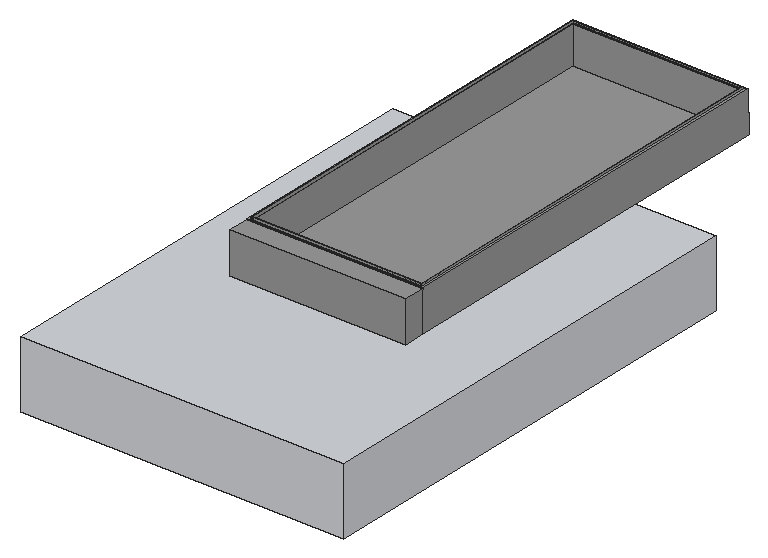
Revit family "Hager-Univers-IP30-D205-H1950-Cl.II-Encl-CH-en", category Equipement électrique, Revit 2020
Family settings
  Hôte = Face
  Configuration du panneau = Deux colonnes, circuits au sein
  Cote de connecteur circulaire = Utiliser le diamètre
  Type d'élément = Tableau de raccordement
  Couper avec des vides une fois chargée = Non
  Partagée = Non
  Point de calcul de pièce = Non
Parameters (values of type "Floor installation IP30 W800 H1950 D205  - FP23S1N")
  Width Control [instance] = if([EF000008 - Width] > Min Width, [EF000008 - Width], Min Width)  # 800 mm
  Commentaires du type = [HG000003 - Range]  # "Univers"
  Thickness Door [instance] = if([EF009171 - Material plate thickness door/cover] > 3 mm, 3 mm, [EF009171 - Material plate thickness door/cover])  # 1 mm
  Seal Frame Offset [instance] = 17 mm  # constant formula
  Plinth Visibility [instance] = [HG000027 - Plinth height] > 0 mm  # yes
  Model = ""
  Min Width [instance] = 100 mm  # constant formula
  Min Height [instance] = 100 mm  # constant formula
  Min Depth [instance] = (2 * [EF009170 - Material plate thickness cabinet]) + 1 mm  # 3 mm
  Internal Frame Depth [instance] = (Door System Depth * 0.5)  # 9 mm
  Height Control [instance] = if([EF000040 - Height] > Min Height, [EF000040 - Height], Min Height)  # 1950 mm
  HG000027 - Plinth height = 100 mm
  HG000026 - Floor standing = yes
  HG000024 - Bottom section height = 800 mm
  HG000023 - Double section enclosure = no
  HG000016 - Door 3d visibility [instance] = yes
  HG000015 - Clearance visibility [instance] = no
  HG000014 - Door on the right [instance] = yes
  HG000013 - Door on the left [instance] = not([HG000014 - Door on the right])  # no
  HG000012 - Door swing angle [instance] = 30.00°
  HG000010 - Asymmetric doors = no
  HG000009 - Double swing door = no
  HG000006 - Flush mounted = no
  HG000004 - Manufacturer reference = "FP23S1N"
  HG000003 - Range = "Univers"
  HG000002 - With door or cover = no
  Frame Offset Bottom [instance] = 10 mm  # constant formula
  Frame Offset [instance] = 15 mm  # constant formula
  EF015940 - Cover with overpressure release = no
  EF011959 - Degree of protection (NEMA) = ""
  EF009554 - Number of openings for flange plates = 6
  EF009212 - Cover model = "EV009916 - With notch"
  EF009171 - Material plate thickness door/cover = 1 mm
  EF009170 - Material plate thickness cabinet = 1 mm
  Fabricant = "Hager"  # constant formula
  EF008873 - Nominal current (In) = 400 A
  EF007800 - Suitable for lightning protection = no
  EF006306 - With lock = no
  EF006244 - Transparent cover/door = no
  EF005474 - Degree of protection (IP) = "EV006410 - IP30"
  EF004464 - Type of door = "EV000494 - None"
  EF004427 - Number of modules = 432
  EF004293 - Impact strength = "EV006813 - IK07"
  EF003532 - Suitable for outdoor use = no
  EF002950 - Width in number of modular spacings = 36
  EF001613 - Circuit integrity = "EV000494 - None"
  EF001596 - Material housing = "EV000179 - Steel"
  EF001131 - Internal depth = 130 mm
  EF001088 - Extension possible = yes
  EF000437 - Number of conduit inlets = 6
  EF000339 - Type of cover = "EV000494 - None"
  EF000266 - Number of rows = 12
  EF000218 - Built-in depth = 0 mm
  EF000118 - With mounting plate = no
  EF000116 - RAL-number = "9010"
  EF000049 - Depth = 205 mm
  EF000040 - Height = 1950 mm
  EF000008 - Width = 800 mm
  EF000007 - Colour = "EV000202 - White"
  EF000003 - Mounting method = "EV012274 - Floor installation"
  Door System Leaf Tolerance [instance] = 1.5 mm  # constant formula
  Door System Depth [instance] = 18 mm  # constant formula
  Door Height [instance] = Height Control - [HG000027 - Plinth height]  # 1850 mm
  Depth Control [instance] = if([EF000049 - Depth] > Min Depth, [EF000049 - Depth], Min Depth)  # 205 mm
  Default Elevation = 0 mm
  Connector Offset [instance] = Height Control / 2  # 975 mm
  Bottom Top Plate Trim [instance] = 1.5 mm  # constant formula
  Plinth height Ctrl [instance] = if([HG000027 - Plinth height] > 0 mm, [HG000027 - Plinth height], 12 mm)  # 100 mm
Types (5, lengths in mm): name | Width Control | HG000004 - Manufacturer reference | EF009554 - Number of openings for flange plates | EF008873 - Nominal current (In) | EF004427 - Number of modules | EF002950 - Width in number of modular spacings | EF000437 - Number of conduit inlets | EF000008 - Width
  Floor installation IP30 W1050 H1950 D205  - FP24S1N | 1050 | "FP24S1N" | 8 | 400 A | 576 | 48 | 8 | 1050
  Floor installation IP30 W1300 H1950 D205  - FP25S1N | 1300 | "FP25S1N" | 10 | 400 A | 720 | 60 | 10 | 1300
  Floor installation IP30 W300 H1950 D205  - FP21S1N | 300 | "FP21S1N" | 2 | 250 A | 144 | 12 | 2 | 300
  Floor installation IP30 W550 H1950 D205  - FP22S1N | 550 | "FP22S1N" | 4 | 400 A | 288 | 24 | 4 | 550
  Floor installation IP30 W800 H1950 D205  - FP23S1N | 800 | "FP23S1N" | 6 | 400 A | 432 | 36 | 6 | 800
Reference planes
  plane 1 "Center (Front/Back)": y = 0
  plane 2: z = 0
  plane 3 "Center (Left/Right)": x = 0
  plane 4: z = 205
  plane 5: y = 101
  plane 6: y = 1025
  plane 7: y = 100
  plane 8: y = 1950
  plane 9: z = 0
  plane 10: x = -385
  plane 11: x = 385
  plane 12: x = 384
  plane 13: x = -384
  plane 14: y = 1949
  plane 15: x = -383
  plane 16: x = -400
  plane 17: x = 383
  plane 18: x = 400
  plane 19: x = 399
  plane 20: x = -399
  plane 21: y = 111
  plane 22: y = 1950
  plane 23: y = 1934
  plane 24: z = 187
  plane 25: z = 1
  plane 26: z = 186
  plane 27: z = 204
Forms (mm)
  Extrusion 1, solid
    sketch origin (0, 0, 0) x (1, 0, 0) y (0, 1, 0)
      loop
        line (-702.964, 1305) -> (-702.964, -811.445) -> (766.763, -811.445) -> (766.763, 1305) -> (-702.964, 1305)
    from 0 to -304.8
  Extrusion 2, solid, material "Hager_Steel_RAL7035_Light_Grey", visible <- "Plinth Visibility", detail levels medium+fine
    sketch origin (0, 0, 0) x (1, 0, 0) y (0, 1, 0)
      loop
        line (-400, 0) -> (400, 0) -> (400, 100) -> (-400, 100) -> (-400, 0)
    from 0 to 187
  Extrusion 3, solid, material "Hager_Steel_RAL7035_Light_Grey", detail levels medium+fine
    sketch origin (0, 0, 0) x (1, 0, 0) y (0, 1, 0)
      loop
        line (-400, 100) -> (400, 100) -> (400, 1950) -> (-400, 1950) -> (-400, 100)
    from 0 to 187
  Extrusion 4, void
    sketch origin (0, 0, 0) x (1, 0, 0) y (0, 1, 0)
      loop
        line (-399, 101) -> (399, 101) -> (399, 1949) -> (-399, 1949) -> (-399, 101)
    from 1 to 186
  Extrusion 5, void
    sketch origin (-381.607, -4572, 187) x (0, -1, 0) y (-1, 0, 0)
      loop
        line (-4683, 2.393) -> (-6506, 2.393) -> (-6506, -765.607) -> (-4683, -765.607) -> (-4683, 2.393)
    from 0 to 1 <- "EF009170 - Material plate thickness cabinet"
  Extrusion 6, solid, material "Hager_Steel_RAL7035_Light_Grey", detail levels fine
    sketch origin (0, 0, 187) x (1, 0, 0) y (0, 1, 0)
      loop
        line (-384, 1934) -> (-384, 111) -> (384, 111) -> (384, 1934) -> (-384, 1934)
      loop
        line (-385, 110) -> (385, 110) -> (385, 1935) -> (-385, 1935) -> (-385, 110)
    from 0 to 9 <- "Internal Frame Depth"
  Extrusion 7, solid, material "Hager_Steel_RAL7035_Light_Grey", detail levels coarse
    sketch origin (0, 0, 0) x (1, 0, 0) y (0, 1, 0)
      loop
        line (-400, 0) -> (400, 0) -> (400, 1950) -> (-400, 1950) -> (-400, 0)
    from 0 to 205
  Sweep 8, void
    path in 3D
      loop
        line (-400, 100, 0) -> (400, 100, 0) -> (400, 100, 187) -> (-400, 100, 187) -> (-400, 100, 0)
    profile origin (-400, 100, 93.5) x (-1, 0, 0) y (0, -1, 0)
      loop
        line (0, 0) -> (0, 1.5) -> (-1.5, 1.5)
        arc (-1.5, 1.5) -> (-1.061, 0.439) -> (0, 0) r 1.5
Cuts and joins
  Extrusion 4, Extrusion 5 cuts Extrusion 3
  Sweep 8 cuts Extrusion 2
Lines and regions (mm)
  Masking region 1
    outline origin (0, 0, 0) x (1, 0, 0) y (0, 0, 1)
      loop
        line (-400, 205) -> (-400, 0) -> (400, 0) -> (400, 205) -> (-400, 205)
  Masking region 2, detail levels medium+fine
    outline origin (0, 140, 0) x (0, 1, 0) y (0, 0, 1)
      loop
        line (-40, 0) -> (1810, 0) -> (1810, 187) -> (-40, 187) -> (-40, 0)
  Masking region 3, not visible, detail levels medium+fine
    outline origin (0, 297.922, 0) x (0, 1, 0) y (0, 0, 1)
      loop
        line (738.578, 0) -> (778.578, 0) -> (778.578, 194)
        arc (778.578, 194) -> (775.649, 201.071) -> (768.578, 204) r 10
        line (768.578, 204) -> (738.578, 204) -> (738.578, 0)
  Masking region 4, detail levels coarse
    outline origin (0, 0, 180) x (0, 1, 0) y (0, 0, 1)
      loop
        line (0, -180) -> (1950, -180) -> (1950, 25) -> (0, 25) -> (0, -180)
  Masking region 5, visible <- "Plinth Visibility", detail levels medium+fine
    outline origin (0, 52.24, 12.345) x (0, 0, -1) y (0, 1, 0)
      loop
        line (10.845, 47.76) -> (-173.155, 47.76)
        arc (-173.155, 47.76) -> (-173.594, 46.699) -> (-174.655, 46.26) r 1.5
        line (-174.655, 46.26) -> (-174.655, -52.24) -> (12.345, -52.24) -> (12.345, 46.26)
        arc (12.345, 46.26) -> (11.285, 46.699) -> (10.845, 47.76) r 1.5
  Masking region 6, detail levels medium+fine
    outline origin (-381.607, -4572, 187) x (-1, 0, 0) y (0, -1, 0)
      loop
        line (18.393, -6522) -> (18.393, -4672) -> (-781.607, -4672) -> (-781.607, -6522) -> (18.393, -6522)
  Masking region 7, visible <- "Plinth Visibility", detail levels medium+fine
    outline origin (-381.607, -4727, 187) x (-1, 0, 0) y (0, -1, 0)
      loop
        arc (16.893, -4827) -> (17.332, -4825.939) -> (18.393, -4825.5) r 1.5
        line (18.393, -4825.5) -> (18.393, -4727) -> (-781.607, -4727) -> (-781.607, -4825.5)
        arc (-781.607, -4825.5) -> (-780.546, -4825.939) -> (-780.107, -4827) r 1.5
        line (-780.107, -4827) -> (16.893, -4827)
  Masking region 8, detail levels coarse
    outline origin (-442.548, -4669.526, 187) x (-1, 0, 0) y (0, -1, 0)
      loop
        line (-42.548, -6619.526) -> (-42.548, -4669.526) -> (-842.548, -4669.526) -> (-842.548, -6619.526) -> (-42.548, -6619.526)
  sketch lines
    curve 1: line (-400, 100, 187) -> (-400, 100, 0)
    curve 2: line (400, 100, 187) -> (-400, 100, 187)
    curve 3: line (400, 100, 187) -> (400, 100, 0)
    curve 4: line (-400, 100, 0) -> (400, 100, 0)
Dimensions and locks
  "Depth Control": plane 4 to Extrusion 1
  "HG000027 - Plinth height": plane 1 "Center (Front/Back)" to plane 7
  "EF009170 - Material plate thickness cabinet": plane 5 to plane 7
  locked: connector elem to plane 3 "Center (Left/Right)"
  equal spacing: plane 8, plane 6, plane 7
  locked: connector elem to plane 6
  "EF009170 - Material plate thickness cabinet": plane 8 to plane 14
  "EF009170 - Material plate thickness cabinet": plane 10 to plane 13
  "EF009170 - Material plate thickness cabinet": plane 12 to plane 11
  "Frame Offset": plane 20 to plane 13
  "Frame Offset": plane 12 to plane 19
  "EF009170 - Material plate thickness cabinet": plane 16 to plane 20
  "EF009170 - Material plate thickness cabinet": plane 19 to plane 18
  "Seal Frame Offset": plane 16 to plane 15
  "Seal Frame Offset": plane 17 to plane 18
  "Frame Offset Bottom": plane 21 to plane 5
  "Frame Offset": plane 14 to plane 23
  equal spacing: plane 16, plane 3 "Center (Left/Right)", plane 18
  "Width Control": plane 16 to plane 18
  "EF009170 - Material plate thickness cabinet": plane 4 to plane 27
  "EF009170 - Material plate thickness cabinet": plane 24 to plane 26
  "EF009170 - Material plate thickness cabinet": plane 25 to level
  "Door System Depth": plane 4 to plane 24
  "Height Control": plane 1 "Center (Front/Back)" to Extrusion 7 sketch curve
  "Height Control": Masking region 4 sketch curve to plane 1 "Center (Front/Back)"
  "Height Control": plane 1 "Center (Front/Back)" to plane 22
  "Bottom Top Plate Trim": profile plane to Sweep 8 sketch curve
  "Bottom Top Plate Trim": Sweep 8 sketch curve to profile plane
  "Plinth height Ctrl": plane 1 "Center (Front/Back)" to Extrusion 2 sketch curve
  "Plinth height Ctrl": Masking region 5 sketch curve to plane 1 "Center (Front/Back)"
  "Plinth height Ctrl": plane 1 "Center (Front/Back)" to Masking region 7 sketch curve
  "Thickness Door": Extrusion 6 sketch curve to Extrusion 6 sketch curve  (x3)
  "Thickness Door": cut or joined group of Extrusion 3, Extrusion 4, Extrusion 5 to Extrusion 6 sketch curve
  radius of Masking region 3 sketch curve = 10 mm
  "Bottom Top Plate Trim": radius of Masking region 5 sketch curve  (x2)
  "Bottom Top Plate Trim": radius of Sweep 8 sketch curve
  "Bottom Top Plate Trim": radius of Masking region 7 sketch curve  (x2)
  aligned and locked: plane 2 to Extrusion 1
  aligned and locked: level to Extrusion 1
  aligned and locked: level to Masking region 1 sketch curve
  aligned and locked: Masking region 1 sketch curve to plane 18
  aligned and locked: Masking region 1 sketch curve to plane 16
  aligned and locked: plane 7 to Masking region 2 sketch curve
  aligned and locked: level to Masking region 3 sketch curve
  aligned and locked: Masking region 3 sketch curve to plane 27
  aligned and locked: level to Masking region 2 sketch curve
  aligned and locked: plane 1 "Center (Front/Back)" to Extrusion 2 sketch curve
  aligned and locked: Extrusion 3 sketch curve to plane 7
  aligned and locked: plane 16 to Extrusion 3 sketch curve
  aligned and locked: plane 18 to Extrusion 3 sketch curve
  aligned and locked: plane 20 to Extrusion 4 sketch curve
  aligned and locked: plane 19 to Extrusion 4 sketch curve
  aligned and locked: Extrusion 4 sketch curve to plane 5
  aligned and locked: Extrusion 4 to plane 25
  aligned and locked: plane 26 to Extrusion 4
  aligned and locked: plane 24 to Extrusion 3
  aligned and locked: Extrusion 5 sketch curve to plane 21
  aligned and locked: Extrusion 5 sketch curve to plane 13
  aligned and locked: Extrusion 5 sketch curve to plane 12
  aligned and locked: plane 18 to Extrusion 7 sketch curve
  aligned and locked: plane 1 "Center (Front/Back)" to Extrusion 7 sketch curve
  aligned and locked: plane 16 to Extrusion 7 sketch curve
  aligned and locked: plane 4 to Extrusion 7
  aligned and locked: Extrusion 7 to level
  aligned and locked: level to Masking region 4 sketch curve
  aligned and locked: Masking region 4 sketch curve to plane 1 "Center (Front/Back)"
  aligned and locked: Masking region 4 sketch curve to plane 4
  aligned and locked: nested 1 to level
  aligned and locked: nested 1 to plane 16
  aligned and locked: plane 8 to Extrusion 3 sketch curve
  aligned and locked: plane 23 to Extrusion 5 sketch curve
  aligned and locked: plane 14 to Extrusion 4 sketch curve
  aligned and locked: Masking region 2 sketch curve to plane 8
  aligned and locked: level to Masking region 5 sketch curve
  aligned and locked: plane 16 to Extrusion 2 sketch curve
  aligned and locked: plane 18 to Extrusion 2 sketch curve
  aligned and locked: Masking region 5 sketch curve to plane 24
  aligned and locked: Masking region 2 sketch curve to plane 24
  aligned and locked: plane 24 to Extrusion 2
  aligned and locked: profile plane to Sweep 8 sketch curve  (x2)
  aligned and locked: Masking region 6 sketch curve to plane 18
  aligned and locked: Masking region 6 sketch curve to plane 22
  aligned and locked: Masking region 6 sketch curve to plane 16
  aligned and locked: plane 8 to plane 22
  aligned and locked: Masking region 6 sketch curve to plane 7
  aligned and locked: Masking region 7 sketch curve to plane 16
  aligned and locked: Masking region 7 sketch curve to plane 1 "Center (Front/Back)"
  aligned and locked: Masking region 7 sketch curve to plane 18
  aligned and locked: Masking region 8 sketch curve to plane 1 "Center (Front/Back)"
  aligned and locked: Masking region 8 sketch curve to plane 18
  aligned and locked: Masking region 8 sketch curve to plane 22
  aligned and locked: Masking region 8 sketch curve to plane 16
  aligned and locked: nested 2 to plane 7
  aligned and locked: plane 3 "Center (Left/Right)" to nested 2
  aligned and locked: nested 2 to plane 24
  aligned and locked: Extrusion 6 sketch curve to cut or joined group of Extrusion 3, Extrusion 4, Extrusion 5  (x4)
Automatic sketch dimensions
  Extrusion 1 sketch curve to Extrusion 1 sketch curve = 1469.727 mm
  Extrusion 1 sketch curve to Extrusion 1 sketch curve = 2116.445 mm
  Masking region 1 sketch curve to plane 4 = 0 mm
  plane 6 to Masking region 3 sketch curve = 11.5 mm
  Masking region 3 sketch curve to Masking region 3 sketch curve = 30 mm
  Masking region 5 sketch curve to plane 1 "Center (Front/Back)" = 0 mm
Nested families
  nested 1: "Hager_Enclosure_Symbol" at (-400, 0, 0) x (1, 0, 0) z (0, -1, 0), Height <- "Depth Control", Width <- "Width Control", type "Hager_Enclosure_Symbol"
    with Width_Ctrl 800 mm, Width 800 mm, Height_Ctrl 205 mm, Height 205 mm, A_Width_Int 13.453 mm, A_Width 161.438 mm, A_Height_Ctrl 179.375 mm, A_Height 179.375 mm
  nested 2: "EC000058_Univers_Door" at (0, 100, 187) x (1, 0, 0) z (0, 1, 0), Leaf_Tolerance <- "Door System Leaf Tolerance", Angle <- "HG000012 - Door swing angle", Door_Depth <- "Door System Depth", Door_Left <- "HG000013 - Door on the left", Transparent <- "EF006244 - Transparent cover/door", Assymetrical <- "HG000010 - Asymmetric doors", Width <- "Width Control", Clearance <- "HG000015 - Clearance visibility", Double <- "HG000009 - Double swing door", 3d_Door <- "HG000016 - Door 3d visibility", Lock_Visibility <- "EF006306 - With lock", Width_Ctrl <- "Width Control", Door_Right <- "HG000014 - Door on the right", Door <- "HG000002 - With door or cover", Height <- "Door Height", Thickness <- "Thickness Door", type "EC000058_Univers_Door", detail levels medium+fine
    with min_wh 3 mm, Width_Ctrl 800 mm, Width 800 mm, Transparent no, Thickness 1 mm, Seal_Material Hager_Rubber, Lock_Visibility no, Lock_Material Hager_Plastic_RAL9005_Jet_Black, Leaf_Width 800 mm, Leaf_Tolerance_External_Sides 0 mm, Leaf_Tolerance 1.5 mm, Leaf_Offset 0 mm, Leaf_Height 1847 mm, Leaf_2_Width 800 mm, Leaf_2_Offset 400 mm, Leaf_1_Width 800 mm, Leaf_1_Offset 400 mm, Height_Ctrl 1850 mm, Height 1850 mm, Glass_Material Hager_Glass, Double_Clearance_Ctrl no, Double no, Door_Right_Ctrl no, Door_Right yes, Door_Material Hager_Steel_RAL7035_Light_Grey, Door_Left_Ctrl no, Door_Left no, Door_Depth 18 mm, Door no, Clearance_Material Hager_Clearance, Clearance_Depth 800 mm, Clearance_Ctrl no, Clearance no, Assymetrical no, Angle 30.00°, 3d_Door yes
Connectors
  electrical at (0, 1025, 0)
    settings: on plane 9, index 1, voltage 0 V, apparent load 0 VA, apparent load phase1 0 VA, apparent load phase2 0 VA, apparent load phase3 0 VA, power factor 1, load classification "Other", number of poles 1, system type 30, power factor state 1, is connector primary yes, connector utility no, sub classification motor no, connector description ""
Definition of nested family "Hager_Enclosure_Symbol"
  Parameters (values of type "Hager_Enclosure_Symbol")
    Width_Ctrl [instance] = if(Width > 1 mm, Width, 1 mm)  # 102.27 mm
    Width [instance] = 102.27 mm
    Height_Ctrl [instance] = if(Height > 1 mm, Height, 1 mm)  # 66.5 mm
    A_Width_Int [instance] = if(A_Width / 12 > 2 mm, A_Width / 12, 2 mm)  # 4.364 mm
    A_Width [instance] = if(A_Height_Ctrl * 0.9 > 2 mm, A_Height_Ctrl * 0.9, 2 mm)  # 52.369 mm
    A_Height_Ctrl [instance] = if(A_Height > 2 mm, A_Height, 2 mm)  # 58.188 mm
    Height [instance] = 66.5 mm
    A_Height [instance] = Height - (Height / 8)  # 58.188 mm
  Reference planes
    plane 1 "Centre (avant/arrière)": y = 0
    plane 2: z = 0
    plane 3 "Centre (gauche/droite)": x = 0
    plane 4: x = 52.369
    plane 5: y = 33.042
    plane 6: y = 41.77
    plane 7: y = 66.5
    plane 8: x = 26.184
    plane 9: y = 37.406
    plane 10: x = 102.27
    plane 11: y = 66.5
    plane 12: y = 8.313
  Lines and regions (mm)
    Filled region 1, type "Solid_Black", in view "Niveau de réf."
      outline origin (0, 0, 0) x (1, 0, 0) y (0, 1, 0)
        loop
          line (52.369, 66.5) -> (33.188, 54.536) -> (45.365, 45.006) -> (52.369, 66.5)
    Filled region 2, type "Solid_Black", in view "Niveau de réf."
      outline origin (0, 0, 0) x (1, 0, 0) y (0, 1, 0)
        loop
          line (0, 0) -> (102.27, 0) -> (102.27, 66.5) -> (0, 0)
    detail lines, in view "Niveau de réf."
      curve 1: line (0, 8.313, 0) -> (26.184, 41.77, 0)
      curve 2: line (26.184, 41.77, 0) -> (26.184, 33.042, 0)
      curve 3: line (26.184, 33.042, 0) -> (52.369, 66.5, 0)
  Dimensions and locks
    "A_Width": plane 3 "Centre (gauche/droite)" to plane 4
    equal spacing: plane 3 "Centre (gauche/droite)", plane 8, plane 4
    equal spacing: plane 6, plane 9, plane 5
    equal spacing: curve 3, Filled region 1 sketch curve, Filled region 1 sketch curve
    "Height_Ctrl": plane 1 "Centre (avant/arrière)" to plane 11
    "A_Height_Ctrl": plane 11 to plane 12
    equal spacing: plane 11, plane 9, plane 12
    "A_Width_Int": plane 6 to plane 9
    "Width_Ctrl": plane 3 "Centre (gauche/droite)" to plane 10
    angle Filled region 1 sketch curve to curve 3 = 20.00°
    angle curve 3 to Filled region 1 sketch curve = 20.00°
    locked: curve 3 to Filled region 1 sketch curve (angle 90.00°)
    aligned and locked: plane 10 to Filled region 2
    aligned and locked: plane 11 to Filled region 2 sketch curve
    aligned and locked: plane 10 to Filled region 2 sketch curve
    aligned and locked: plane 3 "Centre (gauche/droite)" to curve 1
    aligned and locked: plane 12 to curve 1
    aligned and locked: plane 7 to plane 11
  Automatic sketch dimensions
    Filled region 1 sketch curve to plane 4 = 0 mm
    Filled region 1 sketch curve to plane 7 = 0 mm
    plane 1 "Centre (avant/arrière)" to Filled region 2 sketch curve = 0 mm
    Filled region 2 sketch curve to plane 3 "Centre (gauche/droite)" = 0 mm
    curve 2 to plane 6 = 0 mm
    curve 2 to plane 8 = 0 mm
    curve 3 to plane 4 = 0 mm
    curve 2 to plane 5 = 0 mm
    curve 3 to plane 7 = 0 mm
Definition of nested family "EC000058_Univers_Door"
  Parameters (values of type "EC000058_Univers_Door")
    min_wh [instance] = (2 * Thickness) + 1 mm  # 11 mm
    Width_Ctrl [instance] = 400 mm
    Width [instance] = 500 mm
    Transparent [instance] = yes
    Thickness [instance] = 5 mm
    Seal_Material [instance] = none
    Lock_Visibility [instance] = yes
    Lock_Material [instance] = none
    Leaf_Width [instance] = if((Width_Ctrl - 2 * Leaf_Tolerance_External_Sides) > 0 mm, (Width_Ctrl - 2 * Leaf_Tolerance_External_Sides), min_wh)  # 400 mm
    Leaf_Tolerance_External_Sides [instance] = 0 mm  # constant formula
    Leaf_Tolerance [instance] = 1.5 mm
    Leaf_Offset [instance] = 0 mm  # constant formula
    Leaf_Height [instance] = if((Height_Ctrl - 2 * Leaf_Tolerance) > 0 mm, (Height_Ctrl - 2 * Leaf_Tolerance), min_wh)  # 497 mm
    Leaf_2_Width [instance] = if(and(and(Double, Assymetrical), Door_Left), (Leaf_Width / 3) - (Leaf_Tolerance / 2), if(and(and(Double, Assymetrical), Door_Right), (Leaf_Width / 3) * 2 - (Leaf_Tolerance / 2), if(and(Double, not(Assymetrical)), (Leaf_Width / 2) - Leaf_Tolerance, Leaf_Width)))  # 400 mm
    Leaf_2_Offset [instance] = if(and(Double, Assymetrical), Leaf_2_Width / 2, if(and(Double, not(Assymetrical)), Leaf_Width / 4, Leaf_Width / 2))  # 200 mm
    Leaf_1_Width [instance] = if(and(and(Double, Assymetrical), Door_Right), (Leaf_Width / 3) - (Leaf_Tolerance / 2), if(and(and(Double, Assymetrical), Door_Left), (Width / 3) * 2 - (Leaf_Tolerance / 2), if(and(Double, not(Assymetrical)), (Leaf_Width / 2) - Leaf_Tolerance, Leaf_Width)))  # 400 mm
    Leaf_1_Offset [instance] = if(and(Double, Assymetrical), Leaf_1_Width / 2, if(and(Double, not(Assymetrical)), Leaf_Width / 4, Leaf_Width / 2))  # 200 mm
    Height_Ctrl [instance] = if(Height > min_wh, Height, min_wh)  # 500 mm
    Height [instance] = 500 mm
    Glass_Material [instance] = none
    Double_Clearance_Ctrl [instance] = and(Double, Clearance)  # no
    Double [instance] = no
    Door_Right_Ctrl [instance] = and(or(Door_Right, Double), Door)  # yes
    Door_Right [instance] = yes
    Door_Material [instance] = none
    Door_Left_Ctrl [instance] = and(or(Door_Left, Double), Door)  # no
    Door_Left [instance] = no
    Door_Depth [instance] = 30 mm
    Door [instance] = yes
    Default Elevation = 1219.2 mm
    Clearance_Material [instance] = none
    Clearance_Depth [instance] = if(Leaf_1_Width > Leaf_2_Width, Leaf_1_Width, Leaf_2_Width)  # 400 mm
    Clearance_Ctrl [instance] = and(not(Double), Clearance)  # yes
    Clearance [instance] = yes
    Assymetrical [instance] = yes
    Angle [instance] = 30.00°
    3d_Door [instance] = yes
  Reference planes
    plane 1 "Center (Front/Back)": y = 0
    plane 2 "Bottom": z = 0
    plane 3 "Center (Left/Right)": x = 0
    plane 4: z = 500
    plane 5: x = -200
    plane 6: x = 200
    plane 7: z = 500
    plane 8: x = -200
    plane 9: z = 0
    plane 10: x = 200
    plane 11: y = 0
    plane 12: z = 1.5
    plane 13: x = -600
    plane 14: y = -400
    plane 15: x = 600
    plane 16: x = 0
    plane 17: x = 0
    plane 18: x = -200
    plane 19: x = 200
    plane 20: z = 498.5
  Forms (mm)
    Extrusion 1, solid, material <- "Clearance_Material", visible <- "Double_Clearance_Ctrl"
      sketch origin (1200, 0, 0) x (1, 0, 0) y (0, 0, -1)
        loop
          line (-1800, -498.5) -> (-600, -498.5) -> (-600, 0) -> (-1800, 0) -> (-1800, -498.5)
      from 0 to -400
  Dimensions and locks
    equal spacing: plane 5, plane 3 "Center (Left/Right)", plane 6
    "Width_Ctrl": plane 5 to plane 6
    "Leaf_Offset": plane 5 to plane 8
    "Leaf_Offset": plane 6 to plane 10
    "Leaf_Offset": plane 9 to level
    "Leaf_Offset": plane 4 to plane 7
    "Height_Ctrl": plane 4 to level
    "Leaf_Tolerance": plane 12 to plane 9
    locked: plane 11 to plane 1 "Center (Front/Back)"
    "Leaf_1_Offset": plane 18 to plane 16
    "Leaf_2_Offset": plane 17 to plane 19
    "Leaf_1_Width": plane 13 to plane 8
    "Leaf_2_Width": plane 10 to plane 15
    "Clearance_Depth": plane 14 to plane 1 "Center (Front/Back)"
    "Leaf_Tolerance_External_Sides": plane 8 to plane 18
    "Leaf_Tolerance_External_Sides": plane 19 to plane 10
    "Leaf_Tolerance": plane 7 to plane 20
    aligned and locked: level to plane 2 "Bottom"
    aligned and locked: nested 1 to plane 16
    aligned and locked: nested 2 to plane 17
    aligned and locked: Extrusion 1 to plane 13
    aligned and locked: plane 15 to Extrusion 1
    aligned and locked: Extrusion 1 to plane 14
    aligned and locked: plane 12 to nested 1
    aligned and locked: nested 2 to plane 12
    aligned and locked: Extrusion 1 to plane 11
    aligned and locked: plane 20 to Extrusion 1
    aligned and locked: nested 2 to plane 11
    aligned and locked: nested 1 to plane 11
  Automatic sketch dimensions
    Extrusion 1 sketch curve to level = 0 mm
    plane 5 to Extrusion 1 sketch curve = 400 mm
    plane 6 to Extrusion 1 sketch curve = 400 mm
    Extrusion 1 sketch curve to plane 4 = 1.5 mm
  Nested families
    nested 1: "EC000058_Univers_Door_Leaf" at (0, 0, 1.5), Width <- "Leaf_1_Width", visible <- "Door_Left_Ctrl", Leaf_Height <- "Leaf_Height", Angle <- "Angle", 3d_Door <- "3d_Door", Transparent <- "Transparent", Clearance Material <- "Clearance_Material", Clearance <- "Clearance_Ctrl", Door_Material <- "Door_Material", Glass_Material <- "Glass_Material", Door_Depth <- "Door_Depth", Lock_Material <- "Lock_Material", Seal_Material <- "Seal_Material", Lock_Visibility <- "Lock_Visibility", Thickness <- "Thickness", type "EC000058_Univers_Door_Leaf"
      with Width 400 mm, Transparent_Glass_Offset 30 mm, Transparent_Ctrl yes, Transparent yes, Thickness 5 mm, Standard no, Seal_Material none, Seal_D2 8 mm, Seal_D1 1 mm, Offset_Internal_Frame 10 mm, Lock_Width 20 mm, Lock_Visibility_3d yes, Lock_Visibility yes, Lock_Thickness_3 3 mm, Lock_Thickness_2 1 mm, Lock_Thickness_1 3 mm, Lock_Radius_Offset_2 16 mm, Lock_Radius_Offset_1 15 mm, Lock_Radius_2 5 mm, Lock_Radius 6 mm, Lock_Offset 5 mm, Lock_Material none, Lock_Height 80 mm, Lock_Cover_Top_Offset_2d 17 mm, Lock_Cover_Height -65 mm, Leaf_Height 497 mm, Internal_Seal_Thickness 8 mm, Internal_Seal_Depth_2 4.5 mm, Internal_Frame_Depth 25 mm, Glass_Thickness -1 mm, Glass_Offset -2 mm, Glass_Material none, Door_Material none, Door_Depth 30 mm, Clearance Material none, Clearance yes, Angle_Ctrl 30.00°, Angle 30.00°, 3d_Door yes
    nested 2: "EC000058_Univers_Door_Leaf" at (0, 0, 1.5) x (-1, 0, 0) z (0, 0, 1), Width <- "Leaf_2_Width", visible <- "Door_Right_Ctrl", Leaf_Height <- "Leaf_Height", Angle <- "Angle", 3d_Door <- "3d_Door", Transparent <- "Transparent", Clearance Material <- "Clearance_Material", Clearance <- "Clearance_Ctrl", Door_Material <- "Door_Material", Glass_Material <- "Glass_Material", Door_Depth <- "Door_Depth", Lock_Material <- "Lock_Material", Seal_Material <- "Seal_Material", Lock_Visibility <- "Lock_Visibility", Thickness <- "Thickness", type "EC000058_Univers_Door_Leaf"
      with Width 400 mm, Transparent_Glass_Offset 30 mm, Transparent_Ctrl yes, Transparent yes, Thickness 5 mm, Standard no, Seal_Material none, Seal_D2 8 mm, Seal_D1 1 mm, Offset_Internal_Frame 10 mm, Lock_Width 20 mm, Lock_Visibility_3d yes, Lock_Visibility yes, Lock_Thickness_3 3 mm, Lock_Thickness_2 1 mm, Lock_Thickness_1 3 mm, Lock_Radius_Offset_2 16 mm, Lock_Radius_Offset_1 15 mm, Lock_Radius_2 5 mm, Lock_Radius 6 mm, Lock_Offset 5 mm, Lock_Material none, Lock_Height 80 mm, Lock_Cover_Top_Offset_2d 17 mm, Lock_Cover_Height -65 mm, Leaf_Height 497 mm, Internal_Seal_Thickness 8 mm, Internal_Seal_Depth_2 4.5 mm, Internal_Frame_Depth 25 mm, Glass_Thickness -1 mm, Glass_Offset -2 mm, Glass_Material none, Door_Material none, Door_Depth 30 mm, Clearance Material none, Clearance yes, Angle_Ctrl 30.00°, Angle 30.00°, 3d_Door yes
  Definition of nested family "EC000058_Univers_Door_Leaf"
    Parameters (values of type "EC000058_Univers_Door_Leaf")
      Width [instance] = 2000 mm
      Transparent_Glass_Offset [instance] = 30 mm
      Transparent_Ctrl [instance] = and(Transparent, [3d_Door])  # yes
      Transparent [instance] = yes
      Thickness [instance] = 5 mm
      Standard [instance] = and(not(Transparent), [3d_Door])  # no
      Seal_Material [instance] = none
      Seal_D2 [instance] = 8 mm  # constant formula
      Seal_D1 [instance] = 1 mm  # constant formula
      Offset_Internal_Frame [instance] = 10 mm  # constant formula
      Lock_Width [instance] = 20 mm  # constant formula
      Lock_Visibility_3d [instance] = and(Lock_Visibility, [3d_Door])  # yes
      Lock_Visibility [instance] = yes
      Lock_Thickness_3 [instance] = 3 mm  # constant formula
      Lock_Thickness_2 [instance] = 1 mm  # constant formula
      Lock_Thickness_1 [instance] = 3 mm  # constant formula
      Lock_Radius_Offset_2 [instance] = Lock_Radius_Offset_1 + 1 mm  # 16 mm
      Lock_Radius_Offset_1 [instance] = 15 mm  # constant formula
      Lock_Radius_2 [instance] = Lock_Radius - 1 mm  # 5 mm
      Lock_Radius [instance] = 6 mm  # constant formula
      Lock_Offset [instance] = 5 mm  # constant formula
      Lock_Material [instance] = none
      Lock_Height [instance] = 80 mm  # constant formula
      Lock_Cover_Top_Offset_2d [instance] = Lock_Radius_Offset_2 + 1 mm  # 17 mm
      Lock_Cover_Height [instance] = -(Lock_Height - Lock_Radius_Offset_1)  # -65 mm
      Leaf_Height [instance] = 2720.336 mm
      Internal_Seal_Thickness [instance] = 8 mm  # constant formula
      Internal_Seal_Depth_2 [instance] = 4.5 mm  # constant formula
      Internal_Frame_Depth [instance] = if(Door_Depth - Thickness > 5 mm, Door_Depth - Thickness, 5 mm)  # 25 mm
      Glass_Thickness [instance] = if(Thickness > 15 mm, Glass_Offset + 10 mm, -1 mm)  # -1 mm
      Glass_Offset [instance] = if(Thickness > 15 mm, -(Thickness + 10 mm) / 2, -2 mm)  # -2 mm
      Glass_Material [instance] = none
      Door_Material [instance] = none
      Door_Depth [instance] = 30 mm
      Default Elevation = 0 mm
      Clearance Material [instance] = none
      Clearance [instance] = yes
      Angle_Ctrl [instance] = if(Angle > 180.00°, 180.00°, Angle)  # 90.00°
      Angle [instance] = 90.00°
      3d_Door [instance] = yes
    Reference planes
      plane 1 "Center (Front/Back)": y = 0
      plane 2: z = 0
      plane 3 "Center (Left/Right)": x = 0
      plane 4: y = 2000
      plane 5: x = -1000
      plane 6: x = 1000
      plane 7: x = -3000
      plane 8: z = 2720.336
      plane 9: z = 30
      plane 10: z = 2690.336
      plane 11: x = 970
      plane 12: x = -970
      plane 13: y = -3
      plane 14: z = 107.833
      plane 15: y = -5
      plane 16: y = -223.314
      plane 17: x = -1000
      plane 18: z = 1360.168
      plane 19: y = 30
    Forms (mm)
      Extrusion 1, solid, material <- "Clearance Material", visible <- "Clearance"
        sketch origin (0, 0, 0) x (1, 0, 0) y (0, 0, 1)
          loop
            line (-3000, 2720.336) -> (-3000, 0) -> (1000, 0) -> (1000, 2720.336) -> (-3000, 2720.336)
        from 0 to -2000
      Extrusion 2, solid, material <- "Door_Material", visible <- "Standard", detail levels medium+fine
        sketch origin (-1000, 0, 0) x (0, 1, 0) y (-1, 0, 0)
          loop
            line (0, 30) -> (0, 25) -> (2000, 25) -> (2000, 30) -> (0, 30)
        from 0 to 2720.336 <- "Leaf_Height"
      Extrusion 3, solid, material <- "Door_Material", visible <- "Transparent_Ctrl", detail levels medium+fine
        sketch origin (-1000, 0, 0) x (0, 1, 0) y (-1, 0, 0)
          loop
            line (0, 25) -> (2000, 25) -> (2000, 30) -> (0, 30) -> (0, 25)
        from 0 to 2720.336 <- "Leaf_Height"
      Extrusion 4, void
        sketch origin (-1025, 2000, 0) x (0, 1, 0) y (0, 0, -1)
          loop
            line (-30, -2690.336) -> (-30, -30) -> (-1970, -30) -> (-1970, -2690.336) -> (-30, -2690.336)
        from 0 to 5 <- "Thickness"
      Sweep 5, solid, material <- "Seal_Material", visible <- "Transparent_Ctrl", detail levels fine
        path in 3D
          loop
            line (-1025, 30, 30) -> (-1025, 30, 2690.336) -> (-1025, 1970, 2690.336) -> (-1025, 1970, 30) -> (-1025, 30, 30)
        profile origin (-1025, 1000, 30) x (1, 0, 0) y (0, 0, 1)
          loop
            line (0, 0) -> (0, -8) -> (1, -8) -> (1, 0) -> (0, 0)
      Extrusion 6, solid, material <- "Glass_Material", visible <- "Transparent_Ctrl", detail levels medium+fine
        sketch origin (-1030, 0, 0) x (0, 1, 0) y (0, 0, -1)
          loop
            line (1970, -2690.336) -> (1970, -30) -> (30, -30) -> (30, -2690.336) -> (1970, -2690.336)
        from -2 <- "Glass_Offset" to -1 <- "Glass_Thickness"
      Extrusion 7, solid, material <- "Door_Material", visible <- "3d_Door", detail levels medium+fine
        sketch origin (-1025, 2000, 0) x (0, -1, 0) y (0, 0, -1)
          loop
            line (0, -2720.336) -> (2000, -2720.336) -> (2000, 0) -> (0, 0) -> (0, -2720.336)
          loop
            line (1995, -5) -> (5, -5) -> (5, -2715.336) -> (1995, -2715.336) -> (1995, -5)
        from 0 to 25 <- "Internal_Frame_Depth"
      Sweep 8, solid, material <- "Seal_Material", visible <- "Transparent_Ctrl", detail levels fine
        path in 3D
          loop
            line (-1025, 0, 0) -> (-1025, 2000, 0) -> (-1025, 2000, 2720.336) -> (-1025, 0, 2720.336) -> (-1025, 0, 0)
        profile origin (-1025, 0, 1360.168) x (1, 0, 0) y (0, 1, 0)
          loop
            line (0, 10) -> (2.975, 10)
            arc (2.975, 10) -> (4.053, 10.447) -> (4.5, 11.525) r 1.525
            line (4.5, 11.525) -> (4.5, 16.527)
            arc (4.5, 16.527) -> (4.069, 17.569) -> (3.027, 18) r 1.473
            line (3.027, 18) -> (0, 18) -> (0, 10)
      Extrusion 9, solid, material <- "Lock_Material", visible <- "Lock_Visibility_3d", detail levels fine
        sketch origin (-1030, 0, 0) x (0, 1, 0) y (0, 0, -1)
          loop
            arc (1993.5, -1400.168) -> (1994.561, -1399.729) -> (1995, -1398.668) r 1.5
            line (1995, -1398.668) -> (1995, -1320.168) -> (1975, -1320.168) -> (1975, -1398.668)
            arc (1975, -1398.668) -> (1975.439, -1399.729) -> (1976.5, -1400.168) r 1.5
            line (1976.5, -1400.168) -> (1993.5, -1400.168)
        from 3 <- "Lock_Thickness_1" to 0
      Blend 10, solid, material <- "Lock_Material", visible <- "Lock_Visibility_3d", detail levels fine
        base sketch origin (-1033, 0, 0) x (0, 1, 0) y (0, 0, -1)
          loop
            line (1975, -1320.168) -> (1975, -1398.668)
            arc (1975, -1398.668) -> (1975.439, -1399.729) -> (1976.5, -1400.168) r 1.5
            line (1976.5, -1400.168) -> (1993.5, -1400.168)
            arc (1993.5, -1400.168) -> (1994.561, -1399.729) -> (1995, -1398.668) r 1.5
            line (1995, -1398.668) -> (1995, -1320.168) -> (1975, -1320.168)
        top sketch origin (-1033, 0, 0) x (0, 1, 0) y (0, 0, -1)
          loop
            line (1976, -1320.168) -> (1976, -1398.668)
            arc (1976, -1398.668) -> (1976.146, -1399.022) -> (1976.5, -1399.168) r 0.5
            line (1976.5, -1399.168) -> (1993.5, -1399.168)
            arc (1993.5, -1399.168) -> (1993.854, -1399.022) -> (1994, -1398.668) r 0.5
            line (1994, -1398.668) -> (1994, -1320.168) -> (1976, -1320.168)
        from 0 to 1 <- "Lock_Thickness_2"
      Blend 11, solid, material <- "Lock_Material", visible <- "Lock_Visibility_3d", detail levels fine
        base sketch origin (-1034, 0, 0) x (0, 1, 0) y (0, 0, -1)
          loop
            line (1978, -1320.168) -> (1978, -1384.168)
            arc (1978, -1384.168) -> (1985, -1391.168) -> (1992, -1384.168) r 7
            line (1992, -1384.168) -> (1992, -1320.168) -> (1978, -1320.168)
        top sketch origin (-1034, 0, 0) x (0, 1, 0) y (0, 0, -1)
          loop
            line (1991, -1320.168) -> (1979, -1320.168) -> (1979, -1383.168)
            arc (1979, -1383.168) -> (1985, -1389.168) -> (1991, -1383.168) r 6
            line (1991, -1383.168) -> (1991, -1320.168)
        from 0 to 3 <- "Lock_Thickness_3"
      Extrusion 12, solid, material <- "Lock_Material", visible <- "Lock_Visibility_3d", detail levels fine
        sketch origin (-1030, 1975, 1320.168) x (1, 0, 0) y (0, -1, 0)
          loop
            line (-7, -19) -> (-7, -1) -> (0, -1) -> (0, 0) -> (-8, 0) -> (-8, -20) -> (0, -20) -> (0, -19) -> (-7, -19)
        from 0 to -65 <- "Lock_Cover_Height"
      Extrusion 13, void
        sketch origin (-1038, 1995, 1320.168) x (-1, 0, 0) y (0, 0, -1)
          loop
            line (-5, -65) -> (0, -65) -> (-5, -60) -> (-5, -65)
        from 0 to 20 <- "Lock_Width"
      Extrusion 14, void
        sketch origin (-1038, 1975, 1320.168) x (0, -1, 0) y (0, 0, -1)
          loop
            circle (-10, -15.995) r 6
          loop
            circle (-10, -15.995) r 5
        from 0 to 2
      Extrusion 15, solid, material <- "Lock_Material", visible <- "Lock_Visibility_3d", detail levels medium
        sketch origin (-1030, 0, 0) x (0, 1, 0) y (0, 0, -1)
          loop
            arc (1993.5, -1400.168) -> (1994.561, -1399.729) -> (1995, -1398.668) r 1.5
            line (1995, -1398.668) -> (1995, -1320.168) -> (1975, -1320.168) -> (1975, -1398.668)
            arc (1975, -1398.668) -> (1975.439, -1399.729) -> (1976.5, -1400.168) r 1.5
            line (1976.5, -1400.168) -> (1993.5, -1400.168)
        from 8 to 0
    Cuts and joins
      Extrusion 4 cuts Extrusion 3
      Extrusion 13, Extrusion 14 cuts Extrusion 9
      Extrusion 14 cuts Blend 11
      Extrusion 13, Extrusion 14 cuts Extrusion 12
      joined: Extrusion 9, Blend 10, Blend 11, Extrusion 12
      Extrusion 14 cuts Extrusion 15
    Lines and regions (mm)
      Masking region 1, visible <- "Lock_Visibility", detail levels fine
        outline origin (0, 0, 0) x (0, 1, 0) y (0, 0, 1)
          loop
            line (30, 1320.168) -> (33, 1320.168) -> (33, 1400.168) -> (30, 1400.168) -> (30, 1320.168)
      Masking region 2, visible <- "Lock_Visibility", detail levels fine
        outline origin (0, 3.143, 0) x (0, 1, 0) y (0, 0, 1)
          loop
            line (29.857, 1354.168) -> (30.857, 1354.168) -> (30.857, 1366.168) -> (29.857, 1366.168) -> (29.857, 1354.168)
      Masking region 3, detail levels medium+fine
        outline origin (0, 0, 0) x (0, 1, 0) y (0, 0, 1)
          loop
            line (0, 0) -> (30, 0) -> (30, 2720.336) -> (0, 2720.336) -> (0, 0)
      Masking region 4, detail levels medium+fine
        outline origin (0, 0, 0) x (1, 0, 0) y (0, 0, 1)
          loop
            line (-1000, 2720.336) -> (-1000, 0) -> (1000, 0) -> (1000, 2720.336) -> (-1000, 2720.336)
      Masking region 5, visible <- "Lock_Visibility", detail levels fine
        outline origin (-47.116, 0, 0) x (1, 0, 0) y (0, 0, 1)
          loop
            arc (1024.616, 1399.168) -> (1023.556, 1398.729) -> (1023.116, 1397.668) r 1.5
            line (1023.116, 1397.668) -> (1023.116, 1320.168) -> (1041.116, 1320.168) -> (1041.116, 1397.668)
            arc (1041.116, 1397.668) -> (1040.677, 1398.729) -> (1039.616, 1399.168) r 1.5
            line (1039.616, 1399.168) -> (1024.616, 1399.168)
      Masking region 6, visible <- "Lock_Visibility", detail levels medium+fine
        outline origin (-25, 0, 0) x (1, 0, 0) y (0, 0, 1)
          loop
            arc (1001.5, 1400.168) -> (1000.439, 1399.729) -> (1000, 1398.668) r 1.5
            line (1000, 1398.668) -> (1000, 1320.168) -> (1020, 1320.168) -> (1020, 1398.668)
            arc (1020, 1398.668) -> (1019.561, 1399.729) -> (1018.5, 1400.168) r 1.5
            line (1018.5, 1400.168) -> (1001.5, 1400.168)
      Masking region 7, visible <- "Lock_Visibility", detail levels fine
        outline origin (-73.735, 0, 0) x (1, 0, 0) y (0, 0, 1)
          loop
            line (1051.735, 1382.168) -> (1065.735, 1382.168) -> (1065.735, 1384.168)
            arc (1065.735, 1384.168) -> (1058.735, 1391.168) -> (1051.735, 1384.168) r 7
            line (1051.735, 1384.168) -> (1051.735, 1382.168)
      Masking region 8, visible <- "Lock_Visibility", detail levels fine
        outline origin (-73.735, 0, 0) x (1, 0, 0) y (0, 0, 1)
          loop
            line (1052.735, 1382.168) -> (1064.735, 1382.168) -> (1064.735, 1383.168)
            arc (1064.735, 1383.168) -> (1058.735, 1389.168) -> (1052.735, 1383.168) r 6
            line (1052.735, 1383.168) -> (1052.735, 1382.168)
      Masking region 9, visible <- "Lock_Visibility", detail levels fine
        outline origin (-25, 0, 0) x (1, 0, 0) y (0, 0, 1)
          loop
            line (1020, 1320.168) -> (1020, 1382.168) -> (1000, 1382.168) -> (1000, 1320.168) -> (1020, 1320.168)
      Masking region 10, detail levels medium+fine
        outline origin (0, 0, 0) x (1, 0, 0) y (0, 0, 1)
          loop
            circle (985, 1335.144) r 6
      Masking region 11, detail levels fine
        outline origin (0, 0, 0) x (1, 0, 0) y (0, 0, 1)
          loop
            circle (985, 1335.144) r 5
      Masking region 12, visible <- "Lock_Visibility", detail levels fine
        outline origin (0, 12.767, 0) x (0, 1, 0) y (0, 0, 1)
          loop
            line (20.233, 1320.168) -> (21.233, 1320.168) -> (21.233, 1399.168) -> (20.233, 1400.168) -> (20.233, 1320.168)
      Masking region 13, visible <- "Lock_Visibility", detail levels fine
        outline origin (0, 13.767, -10) x (0, 1, 0) y (0, 0, 1)
          loop
            line (20.233, 1330.168) -> (23.233, 1330.168) -> (23.233, 1399.168) -> (20.233, 1402.168) -> (20.233, 1330.168)
      Masking region 14, visible <- "Lock_Visibility", detail levels fine
        outline origin (0, 12.767, -10) x (0, 1, 0) y (0, 0, 1)
          loop
            line (20.233, 1330.168) -> (25.233, 1330.168) -> (25.233, 1399.305) -> (20.233, 1394.305) -> (20.233, 1330.168)
      Masking region 15, visible <- "Lock_Visibility", detail levels medium
        outline origin (0, 0, 0) x (0, 1, 0) y (0, 0, 1)
          loop
            line (30, 1320.168) -> (38, 1320.168) -> (38, 1400.168) -> (30, 1400.168) -> (30, 1320.168)
      Masking region 16, visible <- "Lock_Visibility", detail levels fine
        outline origin (-1000, 0, 0) x (0, 1, 0) y (-1, 0, 0)
          loop
            line (1975, 30) -> (1995, 30) -> (1995, 38) -> (1975, 38) -> (1975, 30)
          loop
            line (1979, 37) -> (1976, 37) -> (1976, 34) -> (1978, 34) -> (1979, 37)
          loop
            line (1994, 37) -> (1991, 37) -> (1992, 34) -> (1994, 34) -> (1994, 37)
      Masking region 17, visible <- "Lock_Visibility", detail levels medium
        outline origin (-1000, 0, 0) x (0, 1, 0) y (-1, 0, 0)
          loop
            line (1975, 30) -> (1995, 30) -> (1995, 38) -> (1975, 38) -> (1975, 30)
      symbolic lines
        curve 1: line (1000, 0, 0) -> (-3000, 0, 0)
        curve 2: arc (1000, 0, 0) -> (-1000, 2000, 0) -> (-3000, 0, 0) r 2000
        curve 4: line (-1030, 0, 0) -> (-1030, 2000, 0)
      reference lines
        curve 3: line (-1000, 0, 0) -> (-1000, 2000, 0)
      symbolic lines, detail levels medium+fine
        curve 5: line (-1030, 2000, 0) -> (-1025, 2000, 0)
        curve 7: line (-1025, 0, 0) -> (-1030, 0, 0)
        curve 8: line (-1025, 0, 0) -> (-1000, 0, 0)
        curve 9: line (-1000, 0, 0) -> (-1000, 2000, 0)
        curve 10: line (-1000, 2000, 0) -> (-1025, 2000, 0)
      symbolic lines, detail levels fine
        curve 6: line (-1025, 2000, 0) -> (-1025, 0, 0)
      sketch lines
        curve 11: line (-1025, 0, 2720.336) -> (-1025, 0, 0)
        curve 12: line (-1025, 2000, 0) -> (-1025, 0, 0)
        curve 13: line (-1025, 2000, 2720.336) -> (-1025, 2000, 0)
        curve 14: line (-1025, 0, 2720.336) -> (-1025, 2000, 2720.336)
        curve 15: line (-1025, 1970, 30) -> (-1025, 30, 30)
        curve 16: line (-1025, 30, 30) -> (-1025, 30, 2690.336)
        curve 17: line (-1025, 1970, 2690.336) -> (-1025, 1970, 30)
        curve 18: line (-1025, 30, 2690.336) -> (-1025, 1970, 2690.336)
      symbolic lines, visible <- "Transparent", detail levels medium+fine
        curve 19: line (-970, 0, 2690.336) -> (970, 0, 2690.336)
        curve 20: line (-970, 0, 30) -> (-970, 0, 2690.336)
        curve 21: line (970, 0, 30) -> (-970, 0, 30)
        curve 22: line (970, 0, 2690.336) -> (970, 0, 30)
    Dimensions and locks
      "Width": plane 1 "Center (Front/Back)" to plane 4
      equal spacing: plane 5, plane 3 "Center (Left/Right)", plane 6
      "Width": plane 5 to plane 6
      "Width": plane 7 to plane 5
      "Leaf_Height": plane 8 to level
      "Width": curve 5 to curve 3
      "Width": curve 3 to curve 3
      plane 8 to plane 10 = 30 mm
      plane 9 to level = 30 mm
      plane 12 to plane 5 = 30 mm
      plane 6 to plane 11 = 30 mm
      Extrusion 1 to Extrusion 4 sketch curve = 30 mm
      "Transparent_Glass_Offset": curve 3 to Extrusion 4 sketch curve
      "Transparent_Glass_Offset": Extrusion 4 sketch curve to cut or joined group of Extrusion 3, Extrusion 4  (x2)
      cut or joined group of Extrusion 3, Extrusion 4 to Extrusion 6 sketch curve = 30 mm
      "Transparent_Glass_Offset": cut or joined group of Extrusion 3, Extrusion 4 to Extrusion 4 sketch curve
      "Thickness": curve 6 to curve 4
      "Thickness": Extrusion 7 sketch curve to Extrusion 7 sketch curve  (x4)
      "Door_Depth": curve 4 to curve 3
      "Offset_Internal_Frame": profile plane to Sweep 8 sketch curve
      "Internal_Seal_Thickness": Sweep 8 sketch curve to Sweep 8 sketch curve
      "Internal_Seal_Depth_2": profile plane to Sweep 8 sketch curve
      "Seal_D1": profile plane to Sweep 5 sketch curve
      "Seal_D2": profile plane to Sweep 5 sketch curve
      "Thickness": Extrusion 2 sketch curve to Extrusion 2 sketch curve
      equal spacing: Extrusion 9 sketch curve, plane 18, Extrusion 9 sketch curve  (x2)
      equal spacing: Masking region 1 sketch curve, plane 18, Masking region 1 sketch curve
      "Lock_Height": Masking region 1 sketch curve to Masking region 1 sketch curve
      "Lock_Radius": Masking region 2 sketch curve to plane 18 to Masking region 2 sketch curve
      Masking region 2 sketch curve to Masking region 1 = 1 mm
      "Door_Depth": plane 19 to plane 1 "Center (Front/Back)"
      "Lock_Thickness_1": Masking region 1 sketch curve to plane 19
      "Lock_Width": Extrusion 9 sketch curve to Extrusion 9 sketch curve
      "Lock_Height": Extrusion 9 sketch curve to Extrusion 9 sketch curve
      "Lock_Offset": cut or joined group of Extrusion 3, Extrusion 4 to Extrusion 9 sketch curve
      equal spacing: plane 8, plane 18, level
      "Lock_Radius_Offset_1": Blend 11 sketch curve to Blend 10
      locked: Blend 10 to Blend 11 sketch curve at 2  (x2)
      locked: var sketch to Blend 11 sketch curve at 1  (x2)
      "Lock_Radius_Offset_2": Blend 11 sketch curve to Blend 10
      locked: Extrusion 12 sketch curve to Extrusion 12 sketch curve at 1  (x3)
      Masking region 6 sketch curve to Masking region 6 sketch curve = 80 mm
      "Lock_Height": Masking region 6 sketch curve to Masking region 6 sketch curve
      "Lock_Width": Masking region 6 sketch curve to Masking region 6 sketch curve
      locked: Masking region 6 to Masking region 5 sketch curve at 1  (x3)
      locked: Masking region 5 to Masking region 7 sketch curve at 2  (x2)
      "Lock_Radius_Offset_1": Masking region 5 to Masking region 7 sketch curve
      "Lock_Radius_Offset_2": Masking region 5 to Masking region 8 sketch curve
      locked: Masking region 7 to Masking region 8 sketch curve at 1  (x2)
      "Lock_Cover_Top_Offset_2d": Masking region 5 to Masking region 9 sketch curve
      equal spacing: Masking region 9, Masking region 10 sketch curve, Masking region 9
      equal spacing: Masking region 9, Masking region 11 sketch curve, Masking region 9
      Extrusion 15 sketch curve to Extrusion 15 sketch curve = 80 mm
      "Lock_Width": Extrusion 15 sketch curve to Extrusion 15 sketch curve
      "Lock_Height": Extrusion 15 sketch curve to Extrusion 15 sketch curve
      equal spacing: Extrusion 15 sketch curve, plane 18, Extrusion 15 sketch curve
      "Lock_Thickness_3": Masking region 13 sketch curve to Masking region 13 sketch curve
      "Lock_Height": Masking region 12 sketch curve to Masking region 12 sketch curve
      locked: Masking region 13 sketch curve to Masking region 1 at 8
      locked: Masking region 14 sketch curve to Masking region 13 at 1
      locked: Masking region 14 sketch curve to Masking region 1 at 10.863
      "Lock_Height": Masking region 15 sketch curve to Masking region 15 sketch curve
      "Lock_Offset": Extrusion 15 sketch curve to cut or joined group of Extrusion 3, Extrusion 4
      "Lock_Offset": plane 6 to Masking region 6 sketch curve
      radius of Sweep 8 sketch curve = 1.525 mm
      radius of Sweep 8 sketch curve = 1.473 mm
      radius of Extrusion 9 sketch curve = 1.5 mm  (x2)
      "Lock_Radius": radius of Extrusion 14 sketch curve
      "Lock_Radius_2": radius of Extrusion 14 sketch curve
      "Lock_Radius": radius of Masking region 10 sketch curve
      "Lock_Radius_2": radius of Masking region 11 sketch curve
      radius of Extrusion 15 sketch curve = 1.5 mm  (x2)
      "Angle_Ctrl": angle plane 1 "Center (Front/Back)" to curve 3
      locked: Masking region 12 sketch curve to Masking region 12 sketch curve (angle 45.00°)
      locked: Masking region 13 sketch curve to Masking region 13 sketch curve (angle 45.00°)
      locked: Masking region 14 sketch curve to Masking region 14 sketch curve (angle 45.00°)
      aligned and locked: level to plane 2
      aligned and locked: Extrusion 1 to curve 1
      aligned and locked: plane 6 to Extrusion 1
      aligned and locked: Extrusion 1 to plane 1 "Center (Front/Back)"
      aligned and locked: plane 4 to Extrusion 1
      aligned and locked: plane 8 to Extrusion 1
      aligned and locked: curve 7 to Extrusion 2 sketch curve
      aligned and locked: curve 5 to Extrusion 2 sketch curve
      aligned and locked: curve 7 to Extrusion 3 sketch curve
      aligned and locked: Extrusion 3 sketch curve to curve 4
      aligned and locked: Extrusion 3 sketch curve to curve 6
      aligned and locked: Extrusion 3 sketch curve to curve 5
      aligned and locked: curve 9 to curve 3
      aligned and locked: Extrusion 7 sketch curve to cut or joined group of Extrusion 3, Extrusion 4  (x4)
      aligned and locked: plane 17 to curve 3
      aligned and locked: plane 1 "Center (Front/Back)" to curve 3
      aligned and locked: plane 17 to plane 5
      aligned and locked: Sweep 8 sketch curve to profile plane
      aligned and locked: Sweep 5 sketch curve to profile plane  (x2)
      aligned and locked: Masking region 1 to Masking region 2 sketch curve
      aligned and locked: plane 19 to Masking region 1 sketch curve
      aligned and locked: plane 1 "Center (Front/Back)" to Masking region 3 sketch curve
      aligned and locked: plane 19 to Masking region 3 sketch curve
      aligned and locked: level to Masking region 3 sketch curve
      aligned and locked: Masking region 3 sketch curve to plane 8
      aligned and locked: plane 17 to Masking region 4 sketch curve
      aligned and locked: level to Masking region 4 sketch curve
      aligned and locked: Masking region 4 sketch curve to plane 8
      aligned and locked: plane 12 to curve 20
      aligned and locked: plane 10 to curve 19
      aligned and locked: plane 11 to curve 22
      aligned and locked: curve 21 to plane 9
      aligned and locked: Extrusion 2 sketch curve to cut or joined group of Extrusion 3, Extrusion 4
      aligned and locked: Blend 10 sketch curve to Extrusion 9  (x4)
      aligned and locked: Extrusion 9 to Blend 10 sketch curve
      aligned and locked: Blend 10 to Blend 11 sketch curve
      aligned and locked: Extrusion 12 sketch curve to Blend 11
      aligned and locked: Extrusion 12 sketch curve to Extrusion 9  (x4)
      aligned and locked: Masking region 5 sketch curve to Masking region 6
      aligned and locked: Masking region 9 sketch curve to Masking region 6  (x3)
      aligned and locked: Masking region 12 sketch curve to Masking region 1
      aligned and locked: Masking region 13 sketch curve to Masking region 1
      aligned and locked: Masking region 12 to Masking region 14
      aligned and locked: Masking region 14 sketch curve to Masking region 1
      aligned and locked: Masking region 15 sketch curve to Masking region 14
      aligned and locked: Masking region 13 sketch curve to Masking region 12
      aligned and locked: Masking region 16 sketch curve to cut or joined group of Extrusion 14, Extrusion 15  (x4)
      aligned and locked: Masking region 16 sketch curve to cut or joined group of Extrusion 9, Blend 10, Blend 11, Extrusion 12, Extrusion 13, Extrusion 14  (x6)
      aligned and locked: cut or joined group of Extrusion 9, Blend 10, Blend 11, Extrusion 12, Extrusion 13, Extrusion 14 to Masking region 16 sketch curve
      aligned and locked: Masking region 17 sketch curve to cut or joined group of Extrusion 14, Extrusion 15  (x3)
      aligned and locked: Masking region 17 sketch curve to cut or joined group of Extrusion 9, Blend 10, Blend 11, Extrusion 12, Extrusion 13, Extrusion 14
      aligned and locked: Masking region 9 to Masking region 8 sketch curve
      aligned and locked: Masking region 9 to Masking region 7 sketch curve
    Automatic sketch dimensions
      plane 1 "Center (Front/Back)" to curve 2 = 0 mm
      curve 2 to plane 5 = 0 mm
      Extrusion 1 sketch curve to level = 0 mm
      Extrusion 1 sketch curve to plane 7 = 0 mm
      Extrusion 1 sketch curve to plane 6 = 0 mm
      Extrusion 1 sketch curve to plane 8 = 0 mm
      Extrusion 3 to Extrusion 6 sketch curve = 30 mm  (x4)
      Masking region 4 sketch curve to plane 6 = 0 mm
      Blend 10 sketch curve to Extrusion 9 = 1.5 mm
      Blend 10 sketch curve to Extrusion 9 = 1 mm
      Extrusion 13 sketch curve to Extrusion 12 = 0 mm  (x2)
      Extrusion 12 to Extrusion 13 sketch curve = 3 mm
      Extrusion 13 sketch curve to Extrusion 12 = 5 mm
      Extrusion 14 sketch curve to Extrusion 14 sketch curve = 0 mm  (x2)
      Extrusion 14 sketch curve to Extrusion 12 = 10 mm
      Extrusion 14 sketch curve to Extrusion 12 = 15.995 mm
      Masking region 5 sketch curve to Masking region 5 sketch curve = 1.5 mm  (x2)
      Masking region 10 sketch curve to plane 18 = 25.024 mm
      Masking region 11 sketch curve to plane 18 = 25.024 mm
      plane 19 to Masking region 14 sketch curve = 3 mm
      Masking region 16 sketch curve to Masking region 16 sketch curve = 3 mm
      curve 4 to curve 3 = 0 mm
      Blend 10 to Blend 11 sketch curve = 0 mm
      Masking region 6 sketch curve to Masking region 6 sketch curve = 1.5 mm  (x2)
      Masking region 6 sketch curve to plane 18 = 40 mm
      plane 19 to Masking region 12 sketch curve = 3 mm
      Masking region 12 sketch curve to Masking region 12 sketch curve = 1 mm
      Masking region 15 sketch curve to plane 19 = 0 mm
      Masking region 15 sketch curve to plane 18 = 40 mm
      radius of Blend 10 sketch curve to Extrusion 9 = 1 mm
